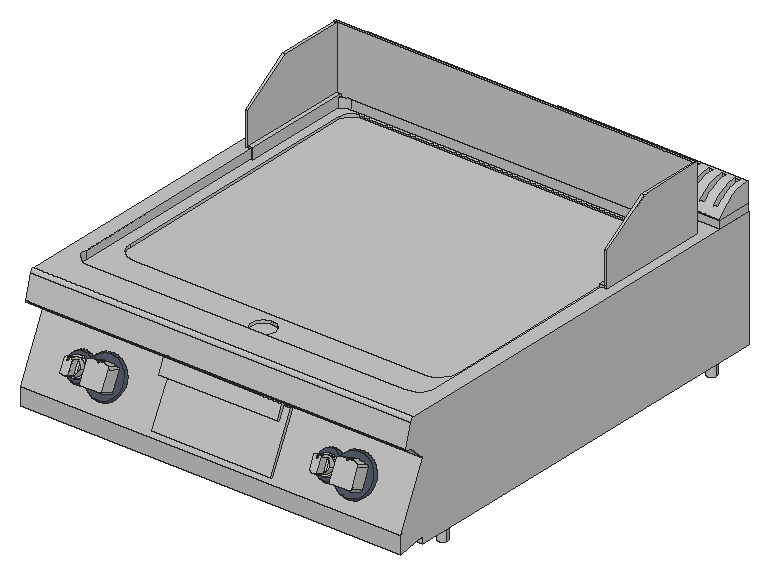
Revit family "QF_ZANUSSI_392354_Z9IILAAOMCA", category Specialty Equipment, Revit 2018 (continued)
Automatic sketch dimensions
  Extrusion 13 sketch curve to Extrusion 13 sketch curve = 9.296 mm
  Extrusion 13 sketch curve to plane 11 = 19.089 mm
  plane 1 "BACK" to Extrusion 14 sketch curve = 6.761 mm
  plane 3 "LEFT" to Extrusion 14 sketch curve = 162.665 mm
  Extrusion 14 sketch curve to Extrusion 14 sketch curve = 9.296 mm
  Extrusion 14 sketch curve to plane 11 = 19.089 mm
  plane 1 "BACK" to Extrusion 15 sketch curve = 6.761 mm
  plane 12 to Extrusion 15 sketch curve = 157.346 mm
  Extrusion 15 sketch curve to Extrusion 15 sketch curve = 9.296 mm
  Extrusion 15 sketch curve to plane 11 = 19.089 mm
  plane 1 "BACK" to Extrusion 16 sketch curve = 6.761 mm
  plane 12 to Extrusion 16 sketch curve = 17.43 mm
  Extrusion 16 sketch curve to Extrusion 16 sketch curve = 9.296 mm
  Extrusion 16 sketch curve to plane 11 = 19.089 mm
  Extrusion 17 sketch curve to plane 12 = 10.559 mm
  Extrusion 17 sketch curve to plane 12 = 1.263 mm
  plane 1 "BACK" to Extrusion 17 sketch curve = 6.761 mm
  Extrusion 17 sketch curve to plane 11 = 19.089 mm
  plane 1 "BACK" to Extrusion 18 sketch curve = 6.761 mm
  plane 12 to Extrusion 18 sketch curve = 97.263 mm
  Extrusion 18 sketch curve to Extrusion 18 sketch curve = 9.296 mm
  Extrusion 18 sketch curve to plane 11 = 19.089 mm
  plane 1 "BACK" to Extrusion 19 sketch curve = 6.761 mm
  plane 12 to Extrusion 19 sketch curve = 69.275 mm
  Extrusion 19 sketch curve to Extrusion 19 sketch curve = 9.296 mm
  Extrusion 19 sketch curve to plane 11 = 19.089 mm
  plane 1 "BACK" to Extrusion 20 sketch curve = 6.761 mm
  plane 12 to Extrusion 20 sketch curve = 41.311 mm
  Extrusion 20 sketch curve to Extrusion 20 sketch curve = 9.296 mm
  Extrusion 20 sketch curve to plane 11 = 19.089 mm
  plane 1 "BACK" to Extrusion 21 sketch curve = 6.761 mm
  plane 12 to Extrusion 21 sketch curve = 125.251 mm
  Extrusion 21 sketch curve to Extrusion 21 sketch curve = 9.296 mm
  Extrusion 21 sketch curve to plane 11 = 19.089 mm
  Extrusion 22 sketch curve to Extrusion 3 = 5.362 mm
  Extrusion 22 sketch curve to Extrusion 3 = 30.762 mm
  Extrusion 22 sketch curve to Extrusion 22 sketch curve = 25.4 mm
  Extrusion 22 sketch curve to Extrusion 3 = 25 mm
  Extrusion 22 sketch curve to Extrusion 3 = 122.523 mm  (x2)
  Extrusion 22 sketch curve to Extrusion 3 = 62.523 mm
  Extrusion 22 sketch curve to Extrusion 22 sketch curve = 37.523 mm
  Extrusion 22 sketch curve to Extrusion 3 = 43.885 mm
  Extrusion 22 sketch curve to Extrusion 22 sketch curve = 307.477 mm
  Extrusion 23 sketch curve to plane 6 "TOP" = 0 mm
  Extrusion 23 sketch curve to plane 16 = 0 mm
  Extrusion 23 sketch curve to plane 6 "TOP" = 65 mm
  Extrusion 23 sketch curve to plane 16 = 100.091 mm
  Extrusion 24 sketch curve to plane 6 "TOP" = 0 mm
  Extrusion 24 sketch curve to plane 16 = 0 mm
  Extrusion 24 sketch curve to plane 6 "TOP" = 65 mm
  Extrusion 24 sketch curve to plane 16 = 100.091 mm
  Extrusion 25 sketch curve to plane 6 "TOP" = 0 mm
  Extrusion 25 sketch curve to plane 14 = 0 mm
  Extrusion 25 sketch curve to plane 4 "RIGHT" = 20 mm
  plane 3 "LEFT" to Extrusion 25 sketch curve = 20 mm
  Extrusion 26 sketch curve to plane 1 "BACK" = 0 mm
  Extrusion 26 sketch curve to plane 14 = 0 mm
  Extrusion 26 sketch curve to plane 11 = 7.988 mm
  Extrusion 26 sketch curve to Extrusion 26 sketch curve = 15 mm
  Extrusion 27 sketch curve to plane 1 "BACK" = 0 mm
  plane 1 "BACK" to Extrusion 27 sketch curve = 1.769 mm
  Extrusion 27 sketch curve to plane 11 = 7.988 mm
  plane 14 to Extrusion 27 sketch curve = 58.763 mm
  plane 14 to Extrusion 27 sketch curve = 17.959 mm
  plane 14 to Extrusion 27 sketch curve = 15 mm
  plane 1 "BACK" to Extrusion 28 sketch curve = 6.761 mm
  Extrusion 28 sketch curve to plane 4 "RIGHT" = 22.749 mm
  Extrusion 28 sketch curve to Extrusion 28 sketch curve = 9.296 mm
  Extrusion 28 sketch curve to plane 11 = 19.089 mm
  plane 1 "BACK" to Extrusion 29 sketch curve = 6.761 mm
  plane 7 "Center Y" to Extrusion 29 sketch curve = 22.749 mm
  Extrusion 29 sketch curve to Extrusion 29 sketch curve = 9.296 mm
  Extrusion 29 sketch curve to plane 11 = 19.089 mm
  plane 1 "BACK" to Extrusion 30 sketch curve = 6.761 mm
  Extrusion 30 sketch curve to plane 4 "RIGHT" = 50.737 mm
  Extrusion 30 sketch curve to Extrusion 30 sketch curve = 9.296 mm
  Extrusion 30 sketch curve to plane 11 = 19.089 mm
  plane 1 "BACK" to Extrusion 31 sketch curve = 6.761 mm
  Extrusion 31 sketch curve to plane 4 "RIGHT" = 78.725 mm
  Extrusion 31 sketch curve to Extrusion 31 sketch curve = 9.296 mm
  Extrusion 31 sketch curve to plane 11 = 19.089 mm
  plane 1 "BACK" to Extrusion 32 sketch curve = 6.761 mm
  Extrusion 32 sketch curve to plane 4 "RIGHT" = 106.689 mm
  Extrusion 32 sketch curve to Extrusion 32 sketch curve = 9.296 mm
  Extrusion 32 sketch curve to plane 11 = 19.089 mm
  plane 1 "BACK" to Extrusion 33 sketch curve = 6.761 mm
  Extrusion 33 sketch curve to plane 4 "RIGHT" = 134.677 mm
  Extrusion 33 sketch curve to Extrusion 33 sketch curve = 9.296 mm
  Extrusion 33 sketch curve to plane 11 = 19.089 mm
  plane 1 "BACK" to Extrusion 34 sketch curve = 6.761 mm
  Extrusion 34 sketch curve to plane 4 "RIGHT" = 162.665 mm
  Extrusion 34 sketch curve to Extrusion 34 sketch curve = 9.296 mm
  Extrusion 34 sketch curve to plane 11 = 19.089 mm
  plane 1 "BACK" to Extrusion 35 sketch curve = 6.761 mm
  Extrusion 35 sketch curve to plane 4 "RIGHT" = 190.654 mm
  Extrusion 35 sketch curve to Extrusion 35 sketch curve = 9.296 mm
  Extrusion 35 sketch curve to plane 11 = 19.089 mm
  plane 1 "BACK" to Extrusion 36 sketch curve = 6.761 mm
  plane 7 "Center Y" to Extrusion 36 sketch curve = 69.43 mm
  Extrusion 36 sketch curve to Extrusion 36 sketch curve = 9.296 mm
  Extrusion 36 sketch curve to plane 11 = 19.089 mm
  plane 1 "BACK" to Extrusion 37 sketch curve = 6.761 mm
  plane 7 "Center Y" to Extrusion 37 sketch curve = 41.441 mm
  Extrusion 37 sketch curve to Extrusion 37 sketch curve = 9.296 mm
  Extrusion 37 sketch curve to plane 11 = 19.089 mm
  plane 1 "BACK" to Extrusion 38 sketch curve = 6.761 mm
  plane 7 "Center Y" to Extrusion 38 sketch curve = 149.263 mm
  Extrusion 38 sketch curve to Extrusion 38 sketch curve = 9.296 mm
  Extrusion 38 sketch curve to plane 11 = 19.089 mm
  plane 1 "BACK" to Extrusion 39 sketch curve = 6.761 mm
  plane 7 "Center Y" to Extrusion 39 sketch curve = 121.275 mm
  Extrusion 39 sketch curve to Extrusion 39 sketch curve = 9.296 mm
  Extrusion 39 sketch curve to plane 11 = 19.089 mm
  plane 1 "BACK" to Extrusion 40 sketch curve = 6.761 mm
  plane 7 "Center Y" to Extrusion 40 sketch curve = 93.311 mm
  Extrusion 40 sketch curve to Extrusion 40 sketch curve = 9.296 mm
  Extrusion 40 sketch curve to plane 11 = 19.089 mm
  plane 1 "BACK" to Extrusion 41 sketch curve = 6.761 mm
  plane 7 "Center Y" to Extrusion 41 sketch curve = 177.251 mm
  Extrusion 41 sketch curve to Extrusion 41 sketch curve = 9.296 mm
  Extrusion 41 sketch curve to plane 11 = 19.089 mm
  Extrusion 42 sketch curve to plane 14 = 0 mm  (x2)
  plane 14 to Extrusion 42 sketch curve = 5 mm  (x2)
  Extrusion 42 sketch curve to plane 6 "TOP" = 1 mm  (x2)
  Extrusion 42 sketch curve to plane 14 = 19.6 mm  (x2)
  Extrusion 42 sketch curve to plane 4 "RIGHT" = 20 mm
  Extrusion 42 sketch curve to Extrusion 42 sketch curve = 5 mm  (x6)
  plane 3 "LEFT" to Extrusion 42 sketch curve = 35 mm
  plane 3 "LEFT" to Blend 43 sketch curve = 103.419 mm  (x2)
  Blend 43 sketch curve to Blend 43 sketch curve = 53 mm  (x2)
  Blend 43 sketch curve to Blend 43 sketch curve = 0 mm  (x2)
  Blend 43 sketch curve to Blend 43 sketch curve = 17.95 mm
  Blend 43 sketch curve to Blend 43 sketch curve = 24.037 mm
  Blend 43 sketch curve to Blend 43 sketch curve = 18.422 mm
  Blend 43 sketch curve to Blend 43 sketch curve = 21.086 mm
  plane 3 "LEFT" to Extrusion 44 sketch curve = 101.418 mm
  plane 3 "LEFT" to Extrusion 45 sketch curve = 133.419 mm
  Extrusion 45 sketch curve to Extrusion 45 sketch curve = 2.997 mm  (x3)
  Extrusion 45 sketch curve to Extrusion 45 sketch curve = 20.003 mm  (x2)
  Extrusion 45 sketch curve to Extrusion 45 sketch curve = 40.005 mm
  Extrusion 45 sketch curve to Extrusion 45 sketch curve = 5.399 mm
  Extrusion 45 sketch curve to Extrusion 45 sketch curve = 40.037 mm
  Extrusion 45 sketch curve to Extrusion 45 sketch curve = 0 mm  (x2)
  Split face 26 sketch curve to Split face 26 sketch curve = 2.545 mm
  Split face 26 sketch curve to Split face 26 sketch curve = 4.379 mm
  Split face 27 sketch curve to Split face 27 sketch curve = 0.816 mm  (x2)
  Split face 27 sketch curve to Split face 27 sketch curve = 2.828 mm
  plane 3 "LEFT" to Extrusion 46 sketch curve = 101.418 mm
  plane 18 to Extrusion 47 sketch curve = 40 mm
  plane 3 "LEFT" to Extrusion 47 sketch curve = 84.526 mm
  Extrusion 47 sketch curve to Extrusion 47 sketch curve = 6.058 mm
  Extrusion 47 sketch curve to Extrusion 47 sketch curve = 0.01 mm  (x4)
  Extrusion 47 sketch curve to Extrusion 47 sketch curve = 8.895 mm  (x2)
  Extrusion 47 sketch curve to Extrusion 47 sketch curve = 15.995 mm
  Extrusion 47 sketch curve to Extrusion 47 sketch curve = 2.827 mm
  Extrusion 47 sketch curve to Extrusion 47 sketch curve = 15.163 mm
  Extrusion 47 sketch curve to Extrusion 47 sketch curve = 0 mm
  Extrusion 47 sketch curve to Extrusion 47 sketch curve = 15.173 mm
  plane 18 to Extrusion 48 sketch curve = 35 mm
  Extrusion 48 sketch curve to plane 17 = 5.671 mm
  Extrusion 48 sketch curve to Extrusion 48 sketch curve = 3 mm
  Extrusion 48 sketch curve to Extrusion 48 sketch curve = 0 mm  (x2)
  Extrusion 48 sketch curve to Extrusion 48 sketch curve = 1 mm
  Extrusion 48 sketch curve to Extrusion 48 sketch curve = 15 mm
  Extrusion 49 sketch curve to Extrusion 49 sketch curve = 0 mm  (x2)
  plane 18 to Extrusion 49 sketch curve = 25.027 mm
  plane 17 to Extrusion 49 sketch curve = 0.005 mm
  Extrusion 49 sketch curve to Extrusion 49 sketch curve = 1 mm
  Extrusion 49 sketch curve to Extrusion 49 sketch curve = 2.764 mm
  Extrusion 49 sketch curve to Extrusion 49 sketch curve = 2.616 mm
  Extrusion 49 sketch curve to Extrusion 49 sketch curve = 12.193 mm
  Extrusion 50 sketch curve to Extrusion 50 sketch curve = 0 mm  (x2)
  Extrusion 50 sketch curve to plane 18 = 0 mm  (x2)
  Extrusion 50 sketch curve to plane 5 "FRONT" = 2.621 mm
  Extrusion 50 sketch curve to Extrusion 50 sketch curve = 2.908 mm
  plane 17 to Extrusion 50 sketch curve = 5.047 mm
  Extrusion 50 sketch curve to Extrusion 50 sketch curve = 2.884 mm  (x2)
  plane 17 to Extrusion 50 sketch curve = 17.709 mm
  Extrusion 50 sketch curve to Extrusion 50 sketch curve = 1.711 mm
  Extrusion 50 sketch curve to Extrusion 50 sketch curve = 1.332 mm
  Extrusion 50 sketch curve to Extrusion 50 sketch curve = 2.245 mm
  Extrusion 50 sketch curve to Extrusion 50 sketch curve = 17.505 mm
  Extrusion 50 sketch curve to Extrusion 50 sketch curve = 3.877 mm
  Extrusion 50 sketch curve to Extrusion 50 sketch curve = 1.339 mm
  Extrusion 50 sketch curve to Extrusion 50 sketch curve = 11.162 mm
  Extrusion 50 sketch curve to Extrusion 50 sketch curve = 1.327 mm
  Extrusion 50 sketch curve to Extrusion 50 sketch curve = 0.613 mm
  Extrusion 50 sketch curve to Extrusion 50 sketch curve = 0.787 mm
  Extrusion 51 sketch curve to Extrusion 51 sketch curve = 0 mm  (x2)
  Extrusion 51 sketch curve to plane 18 = 0 mm  (x2)
  Extrusion 51 sketch curve to plane 13 = 0.179 mm
  Extrusion 51 sketch curve to plane 13 = 3.087 mm
  Extrusion 51 sketch curve to plane 13 = 17.606 mm
  Extrusion 51 sketch curve to Extrusion 51 sketch curve = 2.884 mm  (x2)
  Extrusion 51 sketch curve to plane 13 = 30.268 mm
  Extrusion 51 sketch curve to Extrusion 51 sketch curve = 0.82 mm
  Extrusion 51 sketch curve to Extrusion 51 sketch curve = 1.711 mm
  Extrusion 51 sketch curve to Extrusion 51 sketch curve = 1.332 mm
  Extrusion 51 sketch curve to Extrusion 51 sketch curve = 17.505 mm
  Extrusion 51 sketch curve to plane 5 "FRONT" = 5.529 mm
  plane 17 to Extrusion 51 sketch curve = 21.413 mm
  Extrusion 51 sketch curve to Extrusion 51 sketch curve = 0.891 mm
  Extrusion 51 sketch curve to Extrusion 51 sketch curve = 4.467 mm
  Extrusion 51 sketch curve to Extrusion 51 sketch curve = 19.137 mm
  Extrusion 51 sketch curve to Extrusion 51 sketch curve = 1.339 mm
  Extrusion 51 sketch curve to Extrusion 51 sketch curve = 97.223 mm
  Extrusion 51 sketch curve to Extrusion 51 sketch curve = 1.327 mm
  Extrusion 51 sketch curve to Extrusion 51 sketch curve = 16.961 mm
  Extrusion 51 sketch curve to Extrusion 51 sketch curve = 0.787 mm
  Extrusion 51 sketch curve to Extrusion 51 sketch curve = 4.979 mm
  Blend 52 sketch curve to plane 4 "RIGHT" = 171.581 mm  (x2)
  Blend 52 sketch curve to Blend 52 sketch curve = 53 mm  (x2)
  Blend 52 sketch curve to Blend 52 sketch curve = 0 mm  (x2)
  Blend 52 sketch curve to Blend 52 sketch curve = 17.95 mm
  Blend 52 sketch curve to Blend 52 sketch curve = 24.037 mm
  Blend 52 sketch curve to Blend 52 sketch curve = 18.422 mm
  Blend 52 sketch curve to Blend 52 sketch curve = 21.086 mm
  Extrusion 53 sketch curve to plane 4 "RIGHT" = 173.582 mm
  Extrusion 54 sketch curve to plane 4 "RIGHT" = 141.581 mm
  Extrusion 54 sketch curve to Extrusion 54 sketch curve = 2.997 mm  (x3)
  Extrusion 54 sketch curve to Extrusion 54 sketch curve = 20.003 mm  (x2)
  Extrusion 54 sketch curve to Extrusion 54 sketch curve = 40.005 mm
  Extrusion 54 sketch curve to Extrusion 54 sketch curve = 5.399 mm
  Extrusion 54 sketch curve to Extrusion 54 sketch curve = 40.037 mm
  Extrusion 54 sketch curve to Extrusion 54 sketch curve = 0 mm  (x2)
  Split face 54 sketch curve to Split face 54 sketch curve = 2.545 mm
  Split face 54 sketch curve to Split face 54 sketch curve = 4.379 mm
  Split face 55 sketch curve to Split face 55 sketch curve = 0.816 mm  (x2)
  Split face 55 sketch curve to Split face 55 sketch curve = 2.828 mm
  Extrusion 55 sketch curve to plane 4 "RIGHT" = 173.582 mm
  plane 18 to Extrusion 56 sketch curve = 40 mm
  Extrusion 56 sketch curve to plane 4 "RIGHT" = 190.474 mm
  Extrusion 56 sketch curve to Extrusion 56 sketch curve = 6.058 mm
  Extrusion 56 sketch curve to Extrusion 56 sketch curve = 0.01 mm  (x4)
  Extrusion 56 sketch curve to Extrusion 56 sketch curve = 8.895 mm  (x2)
  Extrusion 56 sketch curve to Extrusion 56 sketch curve = 15.995 mm
  Extrusion 56 sketch curve to Extrusion 56 sketch curve = 2.827 mm
  Extrusion 56 sketch curve to Extrusion 56 sketch curve = 15.163 mm
  Extrusion 56 sketch curve to Extrusion 56 sketch curve = 0 mm
  Extrusion 56 sketch curve to Extrusion 56 sketch curve = 15.173 mm
  plane 18 to Extrusion 57 sketch curve = 35 mm
  Extrusion 57 sketch curve to plane 17 = 5.671 mm
  Extrusion 57 sketch curve to Extrusion 57 sketch curve = 3 mm
  Extrusion 57 sketch curve to Extrusion 57 sketch curve = 0 mm  (x2)
  Extrusion 57 sketch curve to Extrusion 57 sketch curve = 1 mm
  Extrusion 57 sketch curve to Extrusion 57 sketch curve = 15 mm
  Extrusion 58 sketch curve to Extrusion 58 sketch curve = 0 mm  (x2)
  plane 18 to Extrusion 58 sketch curve = 25.027 mm
  plane 17 to Extrusion 58 sketch curve = 0.005 mm
  Extrusion 58 sketch curve to Extrusion 58 sketch curve = 1 mm
  Extrusion 58 sketch curve to Extrusion 58 sketch curve = 2.764 mm
  Extrusion 58 sketch curve to Extrusion 58 sketch curve = 2.616 mm
  Extrusion 58 sketch curve to Extrusion 58 sketch curve = 12.193 mm
  plane 3 "LEFT" to curve 175 = 91.746 mm
  curve 175 to curve 176 = 19.344 mm
  curve 176 to curve 150 = 22.329 mm
  curve 150 to curve 151 = 0.809 mm
  curve 154 to curve 154 = 1.583 mm
  curve 151 to curve 152 = 1.846 mm
  curve 151 to curve 165 = 2.189 mm
  curve 150 to curve 153 = 11.892 mm
  curve 154 to curve 156 = 20.417 mm
  curve 152 to curve 155 = 19.134 mm
  curve 155 to curve 164 = 1.738 mm
  curve 156 to curve 157 = 2 mm
  curve 153 to curve 162 = 22.215 mm
  curve 157 to curve 165 = 19.003 mm
  curve 165 to curve 161 = 0.343 mm
  curve 161 to curve 163 = 1.071 mm
  curve 165 to curve 160 = 2.189 mm
  curve 160 to curve 159 = 0.809 mm
  curve 206 to plane 4 "RIGHT" = 183.254 mm
  curve 206 to curve 207 = 19.344 mm
  curve 207 to curve 181 = 22.329 mm
  curve 181 to curve 182 = 0.809 mm
  curve 185 to curve 185 = 1.583 mm
  curve 182 to curve 183 = 1.846 mm
  curve 182 to curve 196 = 2.189 mm
  curve 181 to curve 184 = 11.892 mm
  curve 185 to curve 188 = 20.417 mm
  curve 183 to curve 186 = 19.134 mm
  curve 186 to curve 195 = 1.738 mm
  curve 187 to curve 188 = 2 mm
  curve 184 to curve 193 = 22.215 mm
  curve 188 to curve 196 = 19.003 mm
  curve 196 to curve 192 = 0.343 mm
  curve 192 to curve 194 = 1.071 mm
  curve 196 to curve 191 = 2.189 mm
  curve 191 to curve 190 = 0.809 mm
  curve 186 to plane 13 = 32.481 mm
  curve 186 to curve 195 = 0 mm
  curve 155 to plane 13 = 32.481 mm
  curve 155 to curve 164 = 0 mm
  curve 155 to curve 165 = 86.839 mm
  curve 195 to curve 196 = 86.839 mm
  curve 196 to curve 191 = 1.333 mm
  curve 152 to curve 150 = 1.333 mm
  curve 165 to curve 159 = 1.333 mm
  curve 196 to curve 181 = 1.333 mm
  curve 182 to curve 183 = 2.779 mm
  curve 191 to curve 192 = 2.779 mm
  curve 160 to curve 161 = 2.779 mm
  curve 151 to curve 152 = 2.779 mm
  curve 161 to curve 163 = 14.462 mm
  curve 152 to curve 154 = 14.462 mm
  curve 192 to curve 194 = 14.462 mm
  curve 183 to curve 185 = 14.462 mm
  curve 185 to curve 187 = 1.435 mm
  curve 154 to curve 157 = 1.435 mm
  curve 154 to curve 175 = 5.966 mm
  curve 185 to curve 206 = 5.966 mm
  curve 175 to curve 176 = 0 mm
  curve 206 to curve 207 = 0 mm
  curve 157 to curve 162 = 41.91 mm
  curve 153 to curve 162 = 0 mm
  curve 187 to curve 184 = 41.91 mm
  curve 184 to curve 193 = 0 mm
  curve 175 to curve 175 = 1.229 mm
  curve 175 to curve 175 = 0.445 mm
  curve 176 to curve 176 = 1.675 mm
  curve 176 to curve 176 = 0.445 mm
  curve 153 to curve 150 = 9.809 mm
  curve 155 to curve 154 = 0.284 mm
  curve 163 to curve 164 = 0.284 mm
  curve 159 to curve 162 = 9.809 mm
  curve 206 to curve 206 = 1.229 mm
  curve 206 to curve 206 = 0.445 mm
  curve 207 to curve 207 = 1.675 mm
  curve 207 to curve 207 = 0.445 mm
  curve 184 to curve 181 = 9.809 mm
  curve 185 to curve 185 = 0.284 mm
  curve 194 to curve 195 = 0.284 mm
  curve 190 to curve 193 = 9.809 mm
  curve 154 to curve 154 = 0.567 mm
  curve 185 to curve 185 = 0.567 mm
  curve 194 to curve 194 = 0.567 mm
  curve 163 to curve 163 = 0.567 mm
  curve 186 to curve 184 = 1.156 mm
  curve 195 to curve 193 = 1.156 mm
  curve 163 to curve 162 = 1.156 mm
  curve 154 to curve 153 = 1.156 mm
  curve 207 to curve 207 = 0.083 mm
  curve 176 to curve 176 = 0.083 mm
  curve 175 to curve 175 = 0.083 mm
  curve 206 to curve 206 = 0.083 mm
  curve 193 to curve 190 = 4.292 mm
  curve 195 to curve 189 = 3.441 mm
  curve 187 to curve 189 = 0 mm
  curve 184 to curve 181 = 4.292 mm
  curve 162 to curve 159 = 4.292 mm
  curve 164 to curve 158 = 3.441 mm
  curve 156 to curve 158 = 0 mm
  curve 153 to curve 150 = 4.292 mm
  curve 198 to plane 4 "RIGHT" = 165.584 mm
  curve 198 to curve 205 = 7.998 mm
  curve 198 to curve 197 = 15.995 mm
  plane 3 "LEFT" to curve 167 = 109.416 mm
  curve 167 to curve 174 = 7.998 mm
  curve 167 to curve 166 = 15.995 mm
  curve 174 to plane 13 = 147.937 mm
  curve 205 to plane 13 = 147.937 mm
  curve 205 to curve 197 = 28.914 mm
  curve 174 to curve 167 = 28.914 mm
  curve 201 to curve 201 = 2.259 mm
  curve 200 to curve 201 = 0.319 mm
  curve 200 to curve 198 = 3.717 mm
  curve 201 to curve 200 = 1.423 mm
  curve 204 to curve 200 = 4.288 mm
  curve 200 to curve 205 = 0.001 mm
  curve 200 to curve 199 = 0.001 mm
  curve 202 to curve 202 = 0.865 mm
  curve 202 to curve 202 = 2.495 mm
  curve 202 to curve 199 = 0.141 mm
  curve 197 to curve 199 = 3.718 mm
  curve 200 to curve 203 = 0 mm
  curve 173 to curve 167 = 8.005 mm
  curve 170 to curve 170 = 4 mm
  curve 169 to curve 167 = 3.717 mm
  curve 170 to curve 169 = 1.423 mm
  curve 170 to curve 170 = 2.259 mm
  curve 169 to curve 174 = 0.001 mm
  curve 169 to curve 168 = 0.001 mm
  curve 171 to curve 171 = 0.865 mm
  curve 171 to curve 171 = 2.495 mm
  curve 171 to curve 171 = 0.141 mm
  curve 166 to curve 168 = 3.718 mm
  curve 169 to curve 172 = 0 mm
  curve 205 to curve 199 = 2.937 mm
  curve 205 to curve 204 = 2.937 mm
  curve 200 to curve 204 = 0 mm
  curve 203 to curve 199 = 0 mm  (x2)
  curve 174 to curve 173 = 2.937 mm
  curve 174 to curve 168 = 2.937 mm
  curve 172 to curve 168 = 0 mm
  curve 169 to curve 173 = 0 mm
  curve 199 to curve 197 = 1.224 mm
  curve 168 to curve 166 = 1.224 mm
  curve 200 to curve 198 = 1.224 mm
  curve 169 to curve 167 = 1.224 mm
  curve 172 to curve 172 = 4.847 mm
  curve 203 to curve 199 = 4.847 mm
  curve 174 to curve 168 = 7.784 mm
  curve 168 to curve 169 = 0.003 mm
  curve 173 to curve 173 = 4.85 mm
  curve 203 to curve 200 = 0.003 mm
  curve 204 to curve 204 = 4.85 mm
  curve 200 to curve 201 = 0.047 mm
  curve 169 to curve 170 = 0.047 mm
  curve 202 to curve 202 = 2.86 mm
  curve 171 to curve 171 = 2.86 mm
  Extrusion 6 sketch curve to Extrusion 6 sketch curve = 74.012 mm
  plane 5 "FRONT" to curve 3 = 0 mm
  plane 5 "FRONT" to curve 209 = 0 mm
  plane 1 "BACK" to curve 6 = 0 mm
  plane 16 to curve 74 = 0 mm
  plane 5 "FRONT" to curve 208 = 0 mm
  curve 211 to plane 17 = 0 mm
  plane 13 to curve 13 = 0 mm
  plane 5 "FRONT" to curve 211 = 0 mm
  curve 149 to plane 7 "Center Y" = 0 mm
  plane 5 "FRONT" to curve 179 = 0 mm
  plane 5 "FRONT" to curve 180 = 0 mm
  plane 16 to curve 87 = 0 mm
  curve 5 to plane 3 "LEFT" = 0 mm
  plane 5 "FRONT" to curve 1 = 0 mm
  plane 7 "Center Y" to curve 145 = 13.453 mm
  curve 146 to curve 144 = 9.296 mm
  curve 141 to curve 145 = 18.693 mm
  curve 142 to curve 140 = 9.296 mm
  plane 1 "BACK" to curve 139 = 6.761 mm
  curve 139 to curve 142 = 18.693 mm
  curve 137 to curve 136 = 9.296 mm
  plane 1 "BACK" to curve 135 = 6.761 mm
  curve 135 to curve 138 = 14.586 mm
  curve 134 to curve 132 = 9.296 mm
  plane 1 "BACK" to curve 128 = 6.761 mm
  curve 128 to curve 134 = 18.668 mm
  plane 7 "Center Y" to curve 14 = 130 mm
  curve 130 to curve 128 = 9.296 mm
  curve 125 to curve 129 = 18.693 mm
  curve 126 to curve 124 = 9.296 mm
  plane 1 "BACK" to curve 120 = 6.761 mm
  curve 120 to curve 126 = 18.693 mm
  curve 122 to curve 120 = 9.296 mm
  plane 1 "BACK" to curve 119 = 6.761 mm
  curve 119 to curve 122 = 22.799 mm
  curve 117 to curve 116 = 9.296 mm
  plane 1 "BACK" to curve 115 = 6.761 mm
  curve 115 to curve 118 = 18.693 mm
  curve 114 to curve 112 = 9.296 mm
  plane 1 "BACK" to curve 108 = 6.761 mm
  curve 108 to curve 114 = 18.693 mm
  curve 109 to curve 108 = 9.296 mm
  curve 104 to curve 109 = 18.693 mm
  curve 106 to curve 104 = 9.296 mm
  curve 81 to plane 15 = 31.362 mm
  curve 81 to plane 4 "RIGHT" = 92.523 mm
  curve 79 to plane 4 "RIGHT" = 80.4 mm
  curve 100 to curve 105 = 18.668 mm
  curve 102 to curve 100 = 9.296 mm
  curve 9 to plane 10 = 8.638 mm
  curve 9 to curve 81 = 25 mm
  curve 90 to curve 79 = 25 mm
  curve 80 to curve 90 = 0.4 mm
  plane 1 "BACK" to curve 99 = 6.761 mm
  curve 99 to curve 102 = 18.693 mm
  curve 97 to curve 96 = 9.296 mm
  curve 76 to plane 4 "RIGHT" = 35 mm
  curve 10 to plane 4 "RIGHT" = 30 mm
  curve 92 to curve 97 = 18.693 mm
  curve 89 to curve 85 = 15 mm
  curve 76 to curve 86 = 5 mm
  curve 94 to curve 92 = 9.296 mm
  plane 4 "RIGHT" to curve 6 = 0.05 mm
  plane 4 "RIGHT" to curve 3 = 100.069 mm
  curve 69 to plane 7 "Center Y" = 13.453 mm
  curve 68 to curve 70 = 9.296 mm
  curve 64 to plane 12 = 10.559 mm
  curve 67 to plane 12 = 1.263 mm
  plane 12 to curve 60 = 17.43 mm
  curve 60 to curve 62 = 9.296 mm
  plane 1 "BACK" to curve 56 = 6.761 mm
  curve 62 to curve 56 = 14.586 mm
  curve 56 to curve 58 = 9.296 mm
  curve 57 to curve 52 = 18.668 mm
  plane 12 to curve 12 = 78 mm
  curve 52 to curve 55 = 9.296 mm
  plane 1 "BACK" to curve 48 = 6.761 mm
  curve 54 to curve 48 = 18.693 mm
  curve 48 to curve 51 = 9.296 mm
  plane 1 "BACK" to curve 47 = 6.761 mm
  curve 50 to curve 47 = 18.693 mm
  curve 44 to curve 45 = 9.296 mm
  plane 1 "BACK" to curve 43 = 6.761 mm
  curve 46 to curve 43 = 22.799 mm
  curve 40 to curve 43 = 9.296 mm
  curve 41 to curve 36 = 18.693 mm
  curve 36 to curve 39 = 9.296 mm
  curve 37 to curve 33 = 18.693 mm
  curve 32 to curve 34 = 9.296 mm
  plane 1 "BACK" to curve 28 = 6.761 mm
  curve 34 to curve 28 = 18.693 mm
  curve 28 to curve 29 = 9.296 mm
  plane 3 "LEFT" to curve 82 = 92.523 mm
  plane 3 "LEFT" to curve 77 = 80.4 mm
  curve 29 to curve 24 = 18.668 mm
  curve 24 to curve 25 = 9.296 mm
  plane 3 "LEFT" to curve 11 = 67.523 mm
  curve 77 to curve 91 = 25 mm
  curve 84 to plane 15 = 31.362 mm
  plane 1 "BACK" to curve 20 = 6.761 mm
  curve 26 to curve 20 = 18.693 mm
  curve 20 to curve 22 = 9.296 mm
  curve 91 to curve 87 = 20.4 mm
  curve 7 to plane 10 = 8.638 mm
  curve 21 to curve 17 = 18.693 mm
  curve 7 to curve 75 = 10 mm
  curve 16 to curve 18 = 9.296 mm
  curve 2 to plane 3 "LEFT" = 100.019 mm
  curve 1 to plane 1 "BACK" = 100.019 mm
  plane 1 "BACK" to curve 146 = 6.761 mm
  plane 1 "BACK" to curve 124 = 6.761 mm
  plane 1 "BACK" to curve 143 = 6.761 mm
  plane 1 "BACK" to curve 16 = 6.761 mm
  plane 1 "BACK" to curve 107 = 6.761 mm
  plane 1 "BACK" to curve 24 = 6.761 mm
  plane 1 "BACK" to curve 103 = 6.761 mm
  plane 1 "BACK" to curve 32 = 6.761 mm
  plane 1 "BACK" to curve 95 = 6.761 mm
  plane 1 "BACK" to curve 36 = 6.761 mm
  plane 1 "BACK" to curve 71 = 6.761 mm
  plane 1 "BACK" to curve 67 = 6.761 mm
  plane 1 "BACK" to curve 52 = 6.761 mm
  plane 1 "BACK" to curve 63 = 6.761 mm
  curve 58 to plane 11 = 19.089 mm
  curve 60 to plane 11 = 19.089 mm
  curve 54 to plane 11 = 19.089 mm
  curve 64 to plane 11 = 19.089 mm
  curve 50 to plane 11 = 19.089 mm
  curve 68 to plane 11 = 19.089 mm
  curve 46 to plane 11 = 19.089 mm
  curve 126 to plane 11 = 19.089 mm
  curve 136 to plane 11 = 19.089 mm
  curve 42 to plane 11 = 19.089 mm
  curve 134 to plane 11 = 19.089 mm
  curve 146 to plane 11 = 19.089 mm
  curve 122 to plane 11 = 19.089 mm
  curve 142 to curve 136 = 0 mm
  curve 38 to plane 11 = 19.089 mm
  curve 130 to curve 124 = 0 mm
  curve 118 to plane 11 = 19.089 mm
  curve 114 to plane 11 = 19.089 mm
  curve 34 to plane 11 = 19.089 mm
  curve 92 to plane 11 = 19.089 mm
  curve 30 to plane 11 = 19.089 mm
  curve 96 to plane 11 = 19.089 mm
  curve 26 to plane 11 = 19.089 mm
  curve 100 to plane 11 = 19.089 mm
  curve 22 to plane 11 = 19.089 mm
  curve 104 to plane 11 = 19.089 mm
  curve 18 to plane 11 = 19.089 mm
  curve 113 to curve 108 = 0 mm
  plane 11 to curve 73 = 27 mm
  curve 73 to curve 89 = 5 mm
  curve 90 to curve 78 = 5.362 mm
  curve 90 to curve 79 = 5.362 mm
  curve 91 to curve 77 = 5.362 mm
  curve 148 to plane 10 = 15 mm
  curve 211 to curve 14 = 0 mm
  curve 177 to curve 14 = 88.421 mm
  curve 208 to curve 177 = 15.995 mm
  curve 208 to curve 208 = 24.003 mm
  curve 209 to curve 208 = 46 mm
  curve 210 to curve 12 = 0 mm
  curve 210 to curve 177 = 90.581 mm
  curve 177 to curve 179 = 46 mm
  curve 179 to curve 179 = 24.003 mm
  curve 179 to curve 180 = 14.416 mm
  curve 88 to curve 72 = 5 mm
  curve 4 to plane 11 = 7.988 mm
  curve 72 to curve 88 = 5 mm
  curve 148 to curve 148 = 25 mm
  radius of Extrusion 4 sketch curve = 9.525 mm  (x4)
  radius of Extrusion 5 sketch curve = 6.4 mm
  radius of Extrusion 22 sketch curve = 25 mm
  radius of Extrusion 44 sketch curve = 20 mm
  radius of Split face 1 sketch curve = 1 mm
  radius of Split face 2 sketch curve = 1 mm
  radius of Split face 3 sketch curve = 1 mm
  radius of Split face 4 sketch curve = 1 mm
  radius of Split face 5 sketch curve = 1 mm
  radius of Split face 6 sketch curve = 1 mm
  radius of Split face 7 sketch curve = 1 mm
  radius of Split face 8 sketch curve = 1 mm
  radius of Split face 9 sketch curve = 1 mm
  radius of Split face 10 sketch curve = 1 mm
  radius of Split face 11 sketch curve = 1 mm
  radius of Split face 12 sketch curve = 1 mm
  radius of Split face 13 sketch curve = 1 mm
  radius of Split face 14 sketch curve = 1 mm
  radius of Split face 15 sketch curve = 1 mm
  radius of Split face 16 sketch curve = 1 mm
  radius of Split face 17 sketch curve = 1 mm
  radius of Split face 18 sketch curve = 1 mm
  radius of Split face 19 sketch curve = 1 mm
  radius of Split face 20 sketch curve = 1 mm
  radius of Split face 21 sketch curve = 1 mm
  radius of Split face 22 sketch curve = 1 mm
  radius of Split face 23 sketch curve = 1 mm
  radius of Split face 24 sketch curve = 1.508 mm
  radius of Split face 25 sketch curve = 1.343 mm
  radius of Extrusion 46 sketch curve = 16 mm
  radius of Split face 28 sketch curve = 1 mm
  radius of Extrusion 53 sketch curve = 20 mm
  radius of Split face 29 sketch curve = 1 mm
  radius of Split face 30 sketch curve = 1 mm
  radius of Split face 31 sketch curve = 1 mm
  radius of Split face 32 sketch curve = 1 mm
  radius of Split face 33 sketch curve = 1 mm
  radius of Split face 34 sketch curve = 1 mm
  radius of Split face 35 sketch curve = 1 mm
  radius of Split face 36 sketch curve = 1 mm
  radius of Split face 37 sketch curve = 1 mm
  radius of Split face 38 sketch curve = 1 mm
  radius of Split face 39 sketch curve = 1 mm
  radius of Split face 40 sketch curve = 1 mm
  radius of Split face 41 sketch curve = 1 mm
  radius of Split face 42 sketch curve = 1 mm
  radius of Split face 43 sketch curve = 1 mm
  radius of Split face 44 sketch curve = 1 mm
  radius of Split face 45 sketch curve = 1 mm
  radius of Split face 46 sketch curve = 1 mm
  radius of Split face 47 sketch curve = 1 mm
  radius of Split face 48 sketch curve = 1 mm
  radius of Split face 49 sketch curve = 1 mm
  radius of Split face 50 sketch curve = 1 mm
  radius of Split face 51 sketch curve = 1 mm
  radius of Split face 52 sketch curve = 1.508 mm
  radius of Split face 53 sketch curve = 1.343 mm
  radius of Extrusion 55 sketch curve = 16 mm
  radius of Split face 56 sketch curve = 1 mm
Connectors
  piping at (748, -664, 6), diameter 12.8
    settings: on Extrusion 5, index 2, connector inside diameter 0.50394", connector length 0 mm, flow factor 0, pipe flow 0 GPM, pressure drop 0.00 psi, fitting loss kfactor 0, connector angle 0.00°, fixture units 0, engagement length 0 mm, angle of deflection 0.00°, flow configuration 1, flow direction 1, fitting loss method 0, system type 7, joint type 0, gender type 0, connector reference index -1, connector utility 0, adjustable connector no, is connector primary yes, connector description "GAS CONNECTION"
